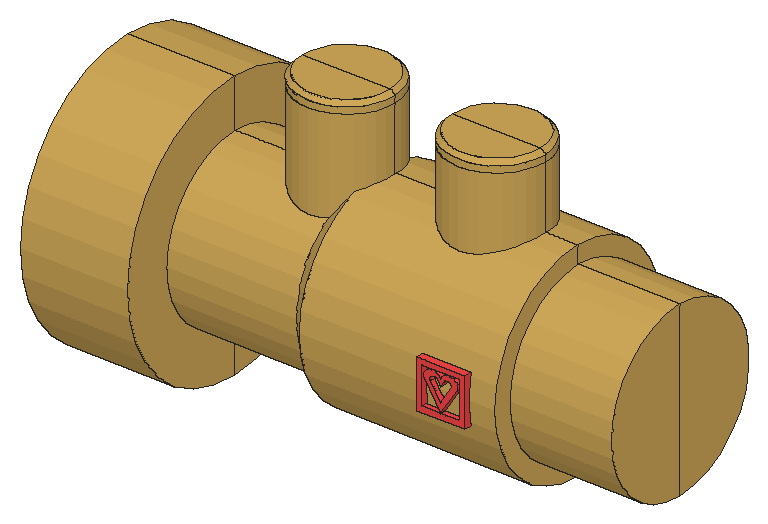
Revit family "Rückflussverhinderer 2623", category Rohrzubehör, Revit 2018
Family settings
  Bemaßung runder Anschluss = Durchmesser verwenden
  Teiletyp = Unterbricht
  OmniClass-Nummer = 23.65.55.14
  OmniClass-Titel = Valves for Liquid Services
  Arbeitsebenenbasiert = Nein
  Immer vertikal = Ja
  Beim Laden mit Abzugskörper schneiden = Nein
  Gemeinsam genutzt = Nein
Parameters
  Min. Betriebstemperatur (Wasser) = 0.5 °C  # constant formula
  Min. Betriebstemperatur = -10 °C  # constant formula
  Max. Betriebstemperatur = 95 °C  # constant formula
  Max. Betriebsdruck = 1600000.0 Pa  # constant formula
  W01 = 45.00°  # constant formula
  URL = "www.herz-armaturen.at"
  Stopfen = "Messing"  # constant formula
  SC_NennweiteBerechnet = 0
  SC_Dimension = ""
  SCTWSEQ = "FW;SBT_TYP_FW=\"108\";2"
  SCTWCODE = "04;14;02"  # constant formula
  S03 = 10.00 mm  # constant formula
  S02 [instance] = L00 / 2  # 44.00 mm
  S01 [instance] = (L00 / 2) + L07 - L06  # 59.00 mm
  Rückschlagventil = "POM (Gehäuse), NBR (O-Ring), Edelstahl AISI 302 (Feder)"  # constant formula
  R01 = 9.00 mm  # constant formula
  Nennweite [instance] = 32.00 mm
  Medium = "klare Flüssigkeiten"  # constant formula
  LO1 [instance] = if(Nennweite = 20.00 mm, 18.00 mm, if(Nennweite = 25.00 mm, 18.00 mm, if(Nennweite = 32.00 mm, 24.00 mm, 1.00 mm)))  # 24.00 mm
  L07 [instance] = size_lookup("2623_", "L7", 1.00 mm, Nennweite)  # 20.00 mm
  L06 [instance] = size_lookup("2623_", "L6", 1.00 mm, Nennweite)  # 5.00 mm
  L05 [instance] = size_lookup("2623_", "L5", 1.00 mm, Nennweite) + L04  # 53.90 mm
  L04 [instance] = size_lookup("2623_", "L4", 1.00 mm, Nennweite)  # 25.90 mm
  L03 [instance] = size_lookup("2623_", "L3", 1.00 mm, Nennweite)  # 19.00 mm
  L02 [instance] = size_lookup("2623_", "L2", 1.00 mm, Nennweite)  # 32.50 mm
  L01 [instance] = size_lookup("2623_", "L1", 1.00 mm, Nennweite)  # 2.50 mm
  L00 [instance] = size_lookup("2623_", "L", 1.00 mm, Nennweite)  # 88.00 mm
  Innengewinde = "gemäß ISO 228"  # constant formula
  IG [instance] = Nennweite / 2  # 16.00 mm
  Hinweis = "Gemäß Art 33 der REACH-Verordnung (EG Nr. 1907/2006) sind wir verpflichtet, darauf hinzuweisen, dass der Stoff Blei auf der SVHC-Liste geführt wird und dass alle aus Messing bestehenden Bauteile, die in unseren Erzeugnissen verarbeitet sind, mehr als 0,1 % (w/w) Blei (CAS: 7439-92-1 / EINECS: 231-100-4) enthalten.\r\nDa Blei als Legierungsbestandteil fest gebunden ist, sind keine Expositionen zu erwarten und daher sind keine zusätzlichen Angaben zur sicheren Verwendung notwendig."
  Hersteller = "HERZ Armaturen Ges.m.b.H."  # constant formula
  H02 = 2.00 mm  # constant formula
  H01 [instance] = size_lookup("2623_", "H1", 1.00 mm, Nennweite)  # 31.00 mm
  Gehäuse = "Pressmessing gemäß EN 12420"  # constant formula
  GT [instance] = size_lookup("2623_", "GT", 1.00 mm, Nennweite)  # 12.00 mm
  Endstück = "Pressmessing"  # constant formula
  Dichtung = "EPDM"  # constant formula
  D04 [instance] = size_lookup("2623_", "D4", 1.00 mm, Nennweite)  # 25.00 mm
  D03 [instance] = size_lookup("2623_", "D3", 1.00 mm, Nennweite)  # 19.30 mm
  D02 [instance] = size_lookup("2623_", "D2", 1.00 mm, Nennweite)  # 16.00 mm
  D01 [instance] = size_lookup("2623_", "D1", 1.00 mm, Nennweite)  # 18.90 mm
  Bestellnummer [instance] = size_lookup("2623_", "Artnr", 0, Nennweite)  # 1262304
  Außengewinde = "gemäß ISO 228"  # constant formula
  Anwendung = "Kann in Zentralheizungsanlagen, Energiesystemen, Konstruktionen und Maschinenbauanlagen überall verwendet werden, um Rückschläge zu verhindern.\r\nDieses Produkt kann mit verschiedenen Medien betrieben werden, im allgemeinen wird es jedoch mit klaren Flüssigkeiten benutzt.\r\nDas Ventil kann in jeder Position benutzt werden.\r\nDie Strömungsrichtung ist mit einem Pfeil am Gehäuse angegeben.\r\nDas Rückschlagventil wird federbelastet mittels einer Axialführung und kann sowohl bei niedrigen als auch bei hohen Drücken arbeiten.\r\nZum Messen sind zwei Bohrungen im Gehäuse ausgeführt in welchen jeweils ein 1/4 Stopfen montiert ist."
  AG [instance] = Nennweite / 2  # 16.00 mm
Reference planes
  plane 1 "Mitte (Vorne/hinten)": y = 0
  plane 2: z = 0
  plane 3 "Mitte (Links/rechts)": x = 0
Forms (mm)
  Revolve 1, solid, material "Messing, weicher Gelbton, geschweißt", detail levels fine
    sketch origin (0, 0, 0) x (1, 0, 0) y (0, 0, 1)
      loop
        line (-44, 0) -> (44, 0) -> (44, 16) -> (25, 16) -> (25, 19.3) -> (-11.5, 19.3) -> (-14.8, 16) -> (-41.5, 16) -> (-41.5, 18.9) -> (-44, 18.9) -> (-44, 0)
      axis (-44, 0) -> (44, 0)
    angle from 0 to 360
  Revolve 2, solid, material "Messing, weicher Gelbton, geschweißt", detail levels fine
    sketch origin (0, 0, 0) x (1, 0, 0) y (0, 0, 1)
      loop
        line (-18.1, 0) -> (-9.1, 0) -> (-9.1, 31) -> (-18.1, 31) -> (-18.1, 0)
      axis (-18.1, 31) -> (-18.1, 0)
    angle from 0 to 360
  Revolve 3, solid, material "Messing, weicher Gelbton, geschweißt", detail levels fine
    sketch origin (0, 0, 0) x (1, 0, 0) y (0, 0, 1)
      loop
        line (9.9, 0) -> (18.9, 0) -> (18.9, 31) -> (9.9, 31) -> (9.9, 0)
      axis (9.9, 31) -> (9.9, 0)
    angle from 0 to 360
  Revolve 4, solid, material "Messing, weicher Gelbton, geschweißt", detail levels fine
    sketch origin (0, 0, 0) x (1, 0, 0) y (0, 0, 1)
      loop
        line (-39, 0) -> (-39, 25) -> (-59, 25) -> (-59, 16) -> (-47, 16) -> (-47, 0) -> (-39, 0)
      axis (-59, 0) -> (-39, 0)
    angle from 0 to 360
  Revolve 5, solid, material "Messing, weicher Gelbton, geschweißt", detail levels fine
    sketch origin (0, 0, 0) x (1, 0, 0) y (0, 0, 1)
      loop
        line (-18.1, 31) -> (-9.1, 31) -> (-9.1, 32.2) -> (-9.9, 33) -> (-18.1, 33) -> (-18.1, 31)
      axis (-18.1, 33) -> (-18.1, 31)
    angle from 0 to 360
  Revolve 6, solid, material "Messing, weicher Gelbton, geschweißt", detail levels fine
    sketch origin (0, 0, 0) x (1, 0, 0) y (0, 0, 1)
      loop
        line (9.9, 31) -> (18.9, 31) -> (18.9, 32.2) -> (18.1, 33) -> (9.9, 33) -> (9.9, 31)
      axis (9.9, 31) -> (9.9, 33)
    angle from 0 to 360
Lines and regions (mm)
  model lines, detail levels coarse+medium
    curve 1: line (-59, 0, 25) -> (-59, 0, -25)
    curve 2: line (-59, 0, 25) -> (44, 0, -25)
    curve 3: line (44, 0, -25) -> (44, 0, 25)
    curve 4: circle (-59, 0, 25) r 10 normal (0, -1, 0)
    curve 5: line (-59, -25, 0) -> (-59, 25, 0)
    curve 6: line (-59, 25, 0) -> (44, -25, 0)
    curve 7: line (44, -25, 0) -> (44, 25, 0)
    curve 8: circle (-59, 25, 0) r 10 normal (0, 0, 1)
Dimensions and locks
  equal spacing: Revolve 1 sketch curve, plane 3 "Mitte (Links/rechts)", Revolve 1 sketch curve
  "L00": Revolve 1 sketch curve to Revolve 1 sketch curve
  "AG": Revolve 1 sketch curve to plane 2
  "L01": Revolve 1 sketch curve to Revolve 1 sketch curve
  "L02": Revolve 1 sketch curve to Revolve 1 sketch curve
  "D01": Revolve 1 sketch curve to plane 2
  "D02": Revolve 1 sketch curve to plane 2
  "D03": Revolve 1 sketch curve to plane 2
  "L03": Revolve 1 sketch curve to Revolve 1 sketch curve
  "R01": Revolve 2 sketch curve to Revolve 2 sketch curve
  "H01": Revolve 2 sketch curve to plane 2
  "L04": Revolve 1 to Revolve 2 sketch curve
  "L05": Revolve 1 to Revolve 3 sketch curve
  "R01": Revolve 3 sketch curve to Revolve 3 sketch curve
  "H01": Revolve 3 sketch curve to plane 2
  "D03": nested 1 to plane 1 "Mitte (Vorne/hinten)"
  "LO1": nested 1 to Revolve 1
  "L06": Revolve 1 to Revolve 4 sketch curve
  "L07": Revolve 4 sketch curve to Revolve 4 sketch curve
  "GT": Revolve 4 sketch curve to Revolve 4 sketch curve
  "D04": Revolve 4 sketch curve to plane 2
  "IG": Revolve 4 sketch curve to Revolve 4 sketch curve
  "H01": Revolve 5 sketch curve to plane 2
  "H02": Revolve 5 sketch curve to Revolve 5 sketch curve
  "R01": Revolve 5 sketch curve to Revolve 5 sketch curve
  "L04": Revolve 1 to Revolve 5 sketch curve
  "R01": Revolve 6 sketch curve to Revolve 6 sketch curve
  "H01": Revolve 6 sketch curve to plane 2
  "H02": Revolve 6 sketch curve to Revolve 6 sketch curve
  "L05": Revolve 6 sketch curve to Revolve 1
  "D04": curve 2 to plane 2 to curve 1
  "D04": curve 3 to plane 2 to curve 3
  "S01": curve 1 to plane 3 "Mitte (Links/rechts)"
  "S02": curve 3 to plane 3 "Mitte (Links/rechts)"
  "S01": plane 3 "Mitte (Links/rechts)" to curve 4
  "D04": curve 5 to plane 1 "Mitte (Vorne/hinten)" to curve 6
  "D04": curve 7 to plane 1 "Mitte (Vorne/hinten)" to curve 7
  "S01": curve 5 to plane 3 "Mitte (Links/rechts)"
  "S02": plane 3 "Mitte (Links/rechts)" to curve 7
  "S01": curve 8 to plane 3 "Mitte (Links/rechts)"
  "S03": radius of curve 4
  "S03": radius of curve 8
  "W01": angle Revolve 1 sketch curve to Revolve 1 sketch curve
  "W01": angle Revolve 5 sketch curve to Revolve 5 sketch curve
  "W01": angle Revolve 6 sketch curve to Revolve 6 sketch curve
  aligned and locked: level to plane 2
Automatic sketch dimensions
  curve 4 to curve 1 = 0.00 mm
  curve 8 to curve 5 = 0.00 mm
  Revolve 1 sketch curve to level = 0.00 mm  (x2)
  Revolve 1 sketch curve to Revolve 1 sketch curve = 0.00 mm
  Revolve 1 sketch curve to Revolve 1 sketch curve = 1805.148 mm
  Revolve 2 sketch curve to level = 0.00 mm  (x2)
  Revolve 2 sketch curve to Revolve 2 sketch curve = 0.00 mm  (x2)
  Revolve 3 sketch curve to level = 0.00 mm  (x2)
  Revolve 3 sketch curve to Revolve 3 sketch curve = 0.00 mm  (x2)
  Revolve 4 sketch curve to level = 0.00 mm  (x2)
  Revolve 4 sketch curve to Revolve 4 sketch curve = 1461.53 mm
  plane 3 "Mitte (Links/rechts)" to Revolve 4 sketch curve = 1839.148 mm
  Revolve 5 sketch curve to Revolve 5 sketch curve = 0.00 mm  (x3)
  Revolve 5 sketch curve to Revolve 5 sketch curve = 0.80 mm
  Revolve 6 sketch curve to Revolve 6 sketch curve = 0.00 mm  (x3)
  Revolve 6 sketch curve to Revolve 6 sketch curve = 0.80 mm
Nested families
  nested 1: "Herz-Logo-vorne" at (15.5, -19.3, 0) x (0, 1, 0) z (0, 0, 1), type "Herz-Logo-vorne", detail levels fine
Connectors
  piping at (44, 0, 0), diameter 32, driven by "Nennweite"
    settings: on Revolve 1, index 2, connector inside diameter 609.6 mm, connector length 0.00 mm, flow factor 0, pipe flow 0.0 L/s, pressure drop 0.0 Pa, fitting loss kfactor 0, connector angle 0.00°, fixture units 0, engagement length 0.00 mm, angle of deflection 0.00°, flow configuration 0, flow direction 2, fitting loss method 0, system type 29, joint type 0, gender type 0, connector reference index -1, connector utility 0, adjustable connector no, is connector primary yes, connector description ""
  piping at (-47, 0, 0), diameter 32, driven by "Nennweite"
    settings: on Revolve 4, index 3, connector inside diameter 609.6 mm, connector length 0.00 mm, flow factor 0, pipe flow 0.0 L/s, pressure drop 0.0 Pa, fitting loss kfactor 0, connector angle 0.00°, fixture units 0, engagement length 0.00 mm, angle of deflection 0.00°, flow configuration 0, flow direction 1, fitting loss method 0, system type 29, joint type 0, gender type 0, connector reference index -1, connector utility 0, adjustable connector no, is connector primary no, connector description ""
Definition of nested family "Herz-Logo-vorne"
  Reference planes
    plane 1 "Mitte (Vorne/hinten)": y = 0
    plane 2: z = 0
    plane 3 "Mitte (Links/rechts)": x = 0
  Forms (mm)
    Extrusion 1, solid
      sketch origin (0.732, -0.018, 0.017) x (0, -1, 0) y (0, 0, 1)
        loop
          line (-0.018, -4.517) -> (4.482, -4.517) -> (4.482, 4.483) -> (-4.518, 4.483) -> (-4.518, -4.517) -> (-0.018, -4.517)
        loop
          line (-0.05, -3.48) -> (3.482, -3.48) -> (3.482, 3.483) -> (-3.518, 3.483) -> (-3.518, -3.48) -> (-0.05, -3.48)
        loop
          arc (-0.018, 2.383) -> (-1.543, 3.287) -> (-3.067, 2.383) r 1.738
          arc (-3.067, 2.383) -> (-3.191, 1.899) -> (-3.067, 1.415) r 1.009
          line (-3.067, 1.415) -> (-0.018, -3.281) -> (3.032, 1.415)
          arc (3.032, 1.415) -> (3.156, 1.899) -> (3.032, 2.383) r 1.009
          arc (3.032, 2.383) -> (1.507, 3.287) -> (-0.018, 2.383) r 1.738
        loop
          arc (1.885, 1.272) -> (2.005, 1.675) -> (1.885, 2.079) r 0.74
          arc (1.885, 2.079) -> (1.265, 2.416) -> (0.644, 2.079) r 0.74
          line (0.644, 2.079) -> (-0.018, 0.97) -> (-0.679, 2.079)
          arc (-0.679, 2.079) -> (-1.3, 2.416) -> (-1.921, 2.079) r 0.74
          arc (-1.921, 2.079) -> (-2.04, 1.675) -> (-1.921, 1.272) r 0.74
          line (-1.921, 1.272) -> (-0.018, -1.658) -> (1.885, 1.272)
      from 0 to 1.5
  Dimensions and locks
    aligned and locked: level to plane 2
